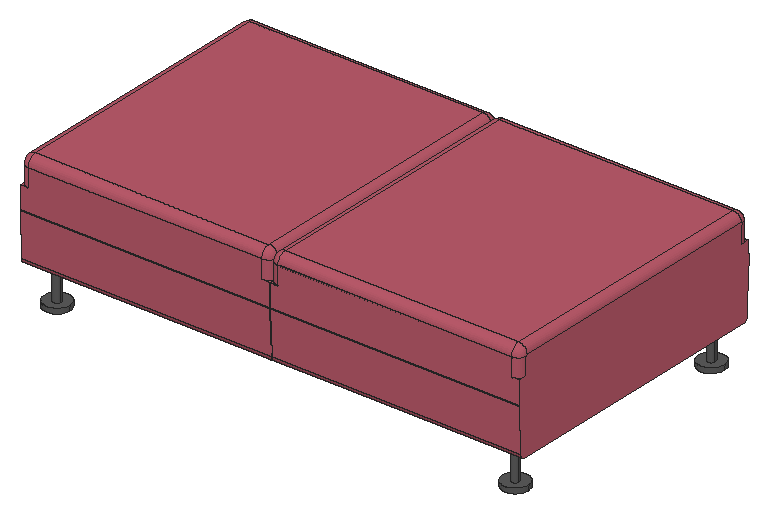
Revit family "Haworth_Gambetta_Bench", category Furniture, Revit 2018
Family settings
  OmniClass Number = 23.40.70.14.64.21
  OmniClass Title = Systems Furniture
  Work Plane-Based = No
  Always vertical = Yes
  Cut with Voids When Loaded = No
  Shared = No
  Room Calculation Point = No
Parameters (values of type "HCCE-GBB2 - Two Seats Bench")
  Warranty = "http://www.haworth.com/resources/product-info/warranties"
  Upholstery Finish [instance] = Haworth _ Leather _ PF Color System _ Carminio 70-128
  URL - Product = "https://www.haworth.com/products/seating/lounge-sofas-benches/gambetta"
  URL = "http://www.haworth.com/our-brands/haworth-collection"
  Size = "Verify Final Dim. w/ Haworth"  # constant formula
  Revision Number = "2"  # constant formula
  Model = "HCCE-GBB2"  # constant formula
  Manufacturer = "Haworth"  # constant formula
  Leg Offset = 2 1/4"  # constant formula
  Description = "Haworth Gambetta Two Seats Bench"  # constant formula
  Base Finish = Haworth _ Paint _ Collection Black
  Author = "Haworth (Alias)"  # constant formula
  Assembly Code = "E2020200"
  Actual Width = 55"  # constant formula
  Actual Height = 16 1/2"  # constant formula
  Actual Depth = 31 1/2"  # constant formula
Reference planes (in)
  plane 1 "Bench Center F/B": y = 1.6582
  plane 2: z = 0
  plane 3 "Bench Back": y = 17.4082
  plane 4 "Right End": x = 56.00113
  plane 5 "Left End": x = 1.00113
  plane 6 "Bench Front": y = -14.0918
  plane 7 "Left Leg": x = 3.25113
  plane 8 "Front Arm": y = -11.8418
  plane 9 "Back Arm": y = 15.1582
  plane 10 "Right Leg": x = 53.75113
  plane 11 "Top of Stamp": z = 0.51233
  plane 12 "Bottom Seat": z = 4.21813
  plane 13 "Center L/R": x = 28.50113
  plane 14: z = 16.5
Forms (in)
  Extrusion 1, solid, material "Haworth _ Paint _ Collection Black" <- "Base Finish"
    sketch origin (0, 0, 0) x (1, 0, 0) y (0, 1, 0)
      loop
        circle (53.75113, -11.8418) r 0.41443
    from 0.51233 to 4.21813
  Extrusion 2, solid, material "Haworth _ Paint _ Collection Black" <- "Base Finish"
    sketch origin (0, 0, 0) x (1, 0, 0) y (0, 1, 0)
      loop
        circle (53.75113, -11.8418) r 1.4248
    from 0 to 0.51233
  Extrusion 3, solid, material "Haworth _ Paint _ Collection Black" <- "Base Finish"
    sketch origin (0, 27.18359, 0) x (1, 0, 0) y (0, 1, 0)
      loop
        circle (53.75113, -12.02539) r 0.41443
    from 0.51233 to 4.21813
  Extrusion 4, solid, material "Haworth _ Paint _ Collection Black" <- "Base Finish"
    sketch origin (0, 27.18359, 0) x (1, 0, 0) y (0, 1, 0)
      loop
        circle (53.75113, -12.02539) r 1.4248
    from 0 to 0.51233
  Extrusion 5, solid, material "Haworth _ Paint _ Collection Black" <- "Base Finish"
    sketch origin (-78.25, 27.18359, 0) x (1, 0, 0) y (0, 1, 0)
      loop
        circle (81.50113, -12.02539) r 0.41443
    from 0.51233 to 4.21813
  Extrusion 6, solid, material "Haworth _ Paint _ Collection Black" <- "Base Finish"
    sketch origin (-78.25, 27.18359, 0) x (1, 0, 0) y (0, 1, 0)
      loop
        circle (81.50113, -12.02539) r 1.4248
    from 0 to 0.51233
  Extrusion 7, solid, material "Haworth _ Paint _ Collection Black" <- "Base Finish"
    sketch origin (-78.25, 0, 0) x (1, 0, 0) y (0, 1, 0)
      loop
        circle (81.50113, -11.8418) r 0.41443
    from 0.51233 to 4.21813
  Extrusion 8, solid, material "Haworth _ Paint _ Collection Black" <- "Base Finish"
    sketch origin (-78.25, 0, 0) x (1, 0, 0) y (0, 1, 0)
      loop
        circle (81.50113, -11.8418) r 1.4248
    from 0 to 0.51233
Dimensions and locks (in)
  equal spacing: plane 3 "Bench Back", plane 1 "Bench Center F/B", plane 6 "Bench Front"
  "Actual Depth": plane 3 "Bench Back" to plane 6 "Bench Front"
  "Leg Offset": plane 5 "Left End" to plane 7 "Left Leg"
  "Actual Width": plane 5 "Left End" to plane 4 "Right End"
  "Leg Offset": plane 10 "Right Leg" to plane 4 "Right End"
  equal spacing: plane 5 "Left End", plane 13 "Center L/R", plane 4 "Right End"
  "Leg Offset": plane 8 "Front Arm" to plane 6 "Bench Front"
  "Leg Offset": plane 3 "Bench Back" to plane 9 "Back Arm"
  "Actual Height": plane 14 to plane 2
  aligned and locked: nested 1 to plane 3 "Bench Back"
  aligned and locked: plane 3 "Bench Back" to nested 2
  aligned and locked: Extrusion 2 to level
  aligned and locked: plane 8 "Front Arm" to Extrusion 2 sketch curve
  aligned and locked: plane 10 "Right Leg" to Extrusion 2 sketch curve
  aligned and locked: plane 8 "Front Arm" to Extrusion 1 sketch curve
  aligned and locked: plane 10 "Right Leg" to Extrusion 1 sketch curve
  aligned and locked: plane 9 "Back Arm" to Extrusion 3 sketch curve
  aligned and locked: plane 10 "Right Leg" to Extrusion 3 sketch curve
  aligned and locked: plane 9 "Back Arm" to Extrusion 4 sketch curve
  aligned and locked: plane 10 "Right Leg" to Extrusion 4 sketch curve
  aligned and locked: plane 8 "Front Arm" to Extrusion 8 sketch curve
  aligned and locked: plane 7 "Left Leg" to Extrusion 8 sketch curve
  aligned and locked: plane 7 "Left Leg" to Extrusion 7 sketch curve
  aligned and locked: plane 8 "Front Arm" to Extrusion 7 sketch curve
  aligned and locked: plane 9 "Back Arm" to Extrusion 6 sketch curve
  aligned and locked: plane 7 "Left Leg" to Extrusion 6 sketch curve
  aligned and locked: plane 9 "Back Arm" to Extrusion 5 sketch curve
  aligned and locked: plane 7 "Left Leg" to Extrusion 5 sketch curve
  aligned and locked: plane 12 "Bottom Seat" to Extrusion 7
  aligned and locked: Extrusion 7 to plane 11 "Top of Stamp"
  aligned and locked: plane 11 "Top of Stamp" to Extrusion 8
  aligned and locked: Extrusion 8 to level
  aligned and locked: Extrusion 1 to plane 11 "Top of Stamp"
  aligned and locked: plane 12 "Bottom Seat" to Extrusion 1
  aligned and locked: plane 11 "Top of Stamp" to Extrusion 2
  aligned and locked: Extrusion 5 to plane 11 "Top of Stamp"
  aligned and locked: plane 12 "Bottom Seat" to Extrusion 5
  aligned and locked: plane 11 "Top of Stamp" to Extrusion 6
  aligned and locked: Extrusion 6 to plane 2
  aligned and locked: Extrusion 3 to plane 11 "Top of Stamp"
  aligned and locked: plane 12 "Bottom Seat" to Extrusion 3
  aligned and locked: Extrusion 4 to plane 2
  aligned and locked: plane 11 "Top of Stamp" to Extrusion 4
  aligned and locked: nested 1 to plane 5 "Left End"
  aligned and locked: nested 1 to plane 2
  aligned and locked: plane 2 to nested 2
  aligned and locked: plane 13 "Center L/R" to nested 2
Automatic sketch dimensions
  radius of Extrusion 1 sketch curve = 0.41443"
  radius of Extrusion 2 sketch curve = 1.4248"
  radius of Extrusion 3 sketch curve = 0.41443"
  radius of Extrusion 4 sketch curve = 1.4248"
  radius of Extrusion 5 sketch curve = 0.41443"
  radius of Extrusion 6 sketch curve = 1.4248"
  radius of Extrusion 7 sketch curve = 0.41443"
  radius of Extrusion 8 sketch curve = 1.4248"
Nested families (in)
  nested 1: "Haworth_Gambetta-Seating-Bench_Part NEW" at (28.50113, -0.0918, 0) x (-1, 0, 0) z (0, 0, 1), type "Seat"
  nested 2: "Haworth_Gambetta-Seating-Bench_Part NEW" at (28.50113, -0.0918, 0), type "Seat"
Definition of nested family "Haworth_Gambetta-Seating-Bench_Part NEW"
  Parameters (values of type "Seat")
    URL = "http://haworthcollection.com/"
    Size = "Verify Final Dim. w/ Haworth"  # constant formula
    Revision Number = "1"  # constant formula
    Model = "Haworth Gambetta"  # constant formula
    Manufacturer = "Haworth"  # constant formula
    Description = "Haworth Gambetta Seating - Bench Part"
    Cushion Finish = none
    Author = "Haworth (Alias)"  # constant formula
    Assembly Code = "E2020200"
    Actual Width = 27 1/2"
  Reference planes (in)
    plane 1: z = 0
    plane 2 "Left": x = 0
    plane 3 "Right": x = 27.5
    plane 4 "Back": y = 17.5
    plane 5 "Center (L/R)": x = 13.75
    plane 6 "Front Seat": y = -14
    plane 7 "Front": y = -14
    plane 8 "Cushion Base": z = 4.21813
    plane 9 "Sweep Left": x = 0.20313
    plane 10 "Sweep Right": x = 27.29688
  Forms (in)
    Extrusion 1, solid, material <- "Cushion Finish"
      sketch origin (-16, 0, 0) x (0, 1, 0) y (0, 0, -1)
        loop
          line (16.79555, -4.21813) -> (-13.29555, -4.21813)
          arc (-13.29555, -4.21813) -> (-13.63269, -4.34889) -> (-13.79349, -4.67279) r 0.5
          arc (-13.79349, -4.67279) -> (-13.94276, -7.10068) -> (-13.99976, -9.53248) r 64.07323
          arc (-13.99976, -9.53248) -> (-13.99994, -9.58592) -> (-14, -9.63935) r 24
          line (-14, -9.63935) -> (-14, -14.14513)
          arc (-14, -14.14513) -> (-13.70711, -14.85224) -> (-13, -15.14513) r 1
          line (-13, -15.14513) -> (16.5, -15.14513)
          arc (16.5, -15.14513) -> (17.20711, -14.85224) -> (17.5, -14.14513) r 1
          line (17.5, -14.14513) -> (17.5, -9.63935)
          arc (17.5, -9.63935) -> (17.49994, -9.58592) -> (17.49976, -9.53248) r 24
          arc (17.49976, -9.53248) -> (17.44276, -7.10068) -> (17.29349, -4.67279) r 64.07323
          arc (17.29349, -4.67279) -> (17.13269, -4.34889) -> (16.79555, -4.21813) r 0.5
      from -43.5 to -16
    Sweep 2, void
      path origin (0.20313, 0, 0) x (0, 1, 0) y (0, 0, 1)
        loop
          line (-13.79688, 12.14513) -> (-13.79688, 14.14513)
          arc (-13.79688, 14.14513) -> (-13.56348, 14.70861) -> (-13, 14.94201) r 0.79688
          line (-13, 14.94201) -> (16.5, 14.94201)
          arc (16.5, 14.94201) -> (17.06348, 14.70861) -> (17.29687, 14.14513) r 0.79688
          line (17.29687, 14.14513) -> (17.29687, 12.14513)
      profile origin (0.20313, 1.75, 14.94201) x (0, 0, 1) y (1, 0, 0)
        loop
          arc (0.20312, 0.69687) -> (-0.06048, 0.06048) -> (-0.69687, -0.20313) r 0.9
          line (-0.69687, -0.20313) -> (-0.7673, -0.20313) -> (-0.7673, -0.26873) -> (0.26637, -0.26873) -> (0.26637, 0.95604) -> (0.20312, 0.95604) -> (0.20312, 0.69687)
    Sweep 3, void
      path origin (27.29688, 0, 0) x (0, -1, 0) y (0, 0, 1)
        loop
          line (13.79688, 12.14513) -> (13.79688, 14.14513)
          arc (13.79688, 14.14513) -> (13.56348, 14.70861) -> (13, 14.94201) r 0.79688
          line (13, 14.94201) -> (-16.5, 14.94201)
          arc (-16.5, 14.94201) -> (-17.06348, 14.70861) -> (-17.29687, 14.14513) r 0.79688
          line (-17.29687, 14.14513) -> (-17.29687, 12.14513)
      profile origin (27.29688, 1.75, 14.94201) x (0, 0, -1) y (-1, 0, 0)
        loop
          line (-0.20312, 0.69687) -> (-0.20312, 0.95604) -> (-0.26637, 0.95604) -> (-0.26637, -0.26873) -> (0.7673, -0.26873) -> (0.7673, -0.20313) -> (0.69687, -0.20313)
          arc (0.69687, -0.20313) -> (0.06048, 0.06048) -> (-0.20312, 0.69687) r 0.9
  Cuts and joins
    Sweep 2, Sweep 3 cuts Extrusion 1
  Lines and regions (in)
    Masking region 1
      outline origin (0, 0, 0) x (1, 0, 0) y (0, 1, 0)
        loop
          line (0, 17.5) -> (0, -14) -> (27.5, -14) -> (27.5, 17.5) -> (0, 17.5)
  Dimensions and locks (in)
    "Actual Width": plane 2 "Left" to plane 3 "Right"
    equal spacing: plane 2 "Left", plane 5 "Center (L/R)", plane 3 "Right"
    plane 4 "Back" to plane 7 "Front" = 31 1/2"
    locked: plane 2 "Left" to plane 9 "Sweep Left" at 0.20313
    locked: plane 10 "Sweep Right" to plane 3 "Right" at 0.20312
    locked: Sweep 2 sketch curve to plane 7 "Front" at 0.20312
    locked: plane 9 "Sweep Left" to Sweep 2 sketch curve at 0.26873
    locked: Sweep 3 sketch curve to plane 8 "Cushion Base" at 10.72388
    locked: Sweep 3 sketch curve to plane 7 "Front" at 0.20312
    locked: Sweep 3 sketch curve to plane 3 "Right" at 0.06561
    locked: Sweep 3 sketch curve to plane 8 "Cushion Base" at 10.99025
    locked: Sweep 2 sketch curve to plane 4 "Back" at 0.20312
    locked: Sweep 3 sketch curve to plane 4 "Back" at 0.20312
    locked: plane 8 "Cushion Base" to Extrusion 1 sketch curve at 10.927
    aligned and locked: plane 3 "Right" to Extrusion 1
    aligned and locked: Extrusion 1 to plane 2 "Left"
    aligned and locked: Masking region 1 sketch curve to plane 3 "Right"
    aligned and locked: Masking region 1 sketch curve to plane 4 "Back"
    aligned and locked: Masking region 1 sketch curve to plane 6 "Front Seat"
  Automatic sketch dimensions
    Masking region 1 sketch curve to plane 2 "Left" = 0"
    Extrusion 1 sketch curve to plane 7 "Front" = 0"
    Extrusion 1 sketch curve to plane 8 "Cushion Base" = 0"
    Extrusion 1 sketch curve to plane 4 "Back" = 0"
    Extrusion 1 sketch curve to plane 7 "Front" = 32.57283"
    plane 7 "Front" to Extrusion 1 sketch curve = 0.70445"
    plane 7 "Front" to Extrusion 1 sketch curve = 1"
    plane 7 "Front" to Extrusion 1 sketch curve = 7 1/2"
    plane 4 "Back" to Extrusion 1 sketch curve = 0.70445"
    Extrusion 1 sketch curve to plane 4 "Back" = 32.57283"
    Extrusion 1 sketch curve to plane 8 "Cushion Base" = 1/2"  (x2)
    Extrusion 1 sketch curve to Extrusion 1 sketch curve = 1"
    Extrusion 1 sketch curve to Extrusion 1 sketch curve = 0"
    plane 4 "Back" to Extrusion 1 sketch curve = 0.20651"
    Sweep 2 sketch curve to Sweep 2 sketch curve = 0.06325"
    Sweep 2 sketch curve to profile plane = 13/64"  (x2)
    profile plane to Sweep 2 sketch curve = 0.69687"
    Sweep 2 sketch curve to Sweep 2 sketch curve = 0.07042"
    Sweep 2 sketch curve to Sweep 2 sketch curve = 0.25916"
    Sweep 2 sketch curve to Sweep 2 sketch curve = 51/64"  (x2)
    Sweep 3 sketch curve to Sweep 3 sketch curve = 0.06325"
    Sweep 3 sketch curve to profile plane = 0.69688"
    Sweep 3 sketch curve to Sweep 3 sketch curve = 0.07042"
    Sweep 3 sketch curve to Sweep 3 sketch curve = 0.06561"
    Sweep 3 sketch curve to Sweep 3 sketch curve = 0.25916"
    Sweep 3 sketch curve to Sweep 3 sketch curve = 51/64"  (x2)
    Extrusion 1 sketch curve to Extrusion 1 sketch curve = 4.92122"
    Extrusion 1 sketch curve to level = 9.81779"  (x2)
    Extrusion 1 sketch curve to Extrusion 1 sketch curve = 4.50578"
    plane 8 "Cushion Base" to Sweep 2 sketch curve = 9.927"
    Sweep 2 sketch curve to Sweep 2 sketch curve = 2"  (x2)
    Sweep 3 sketch curve to Sweep 3 sketch curve = 2"  (x2)
    Extrusion 1 sketch curve to Extrusion 1 sketch curve = 7 1/2"
